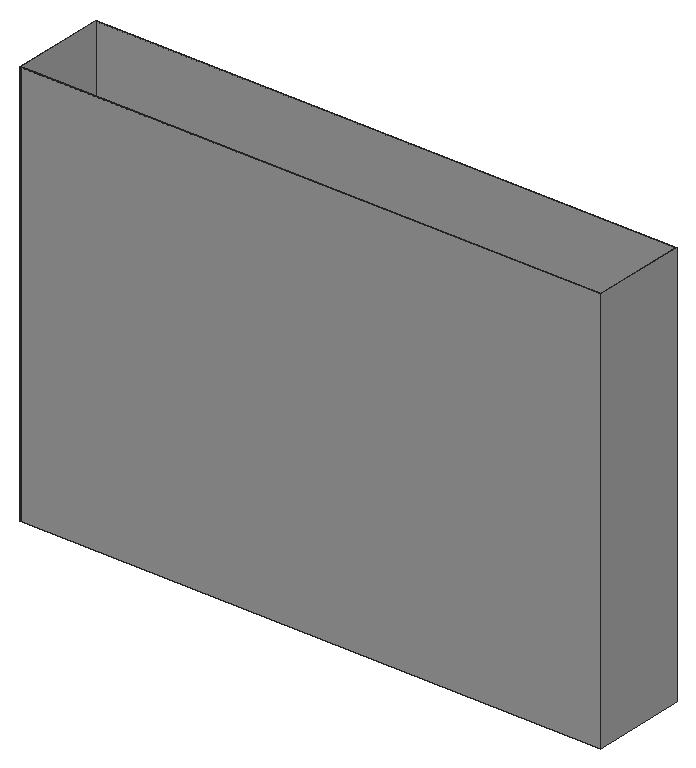
Revit family "Door_Cladding-Construction_Specialties", category Specialty Equipment, Revit 2017
Family settings
  Round Connector Dimension = Use Diameter
  Part Type = Normal
  Work Plane-Based = No
  Always vertical = Yes
  Cut with Voids When Loaded = No
  Shared = Yes
  Room Calculation Point = No
Parameters (values of type ".040"")
  URL = "https://www.c-sgroup.com/"
  Product Page URL = "https://www.c-sgroup.com/acrovyn-wall-protection/door-and-frame-protection/door-cladding"
  Product Documentation Link = "https://www.c-sgroup.com/files/tech-center/acrovyn/cad/pdf/3DPN.pdf"
  Panel Width [instance] = 3' - 8"
  Panel Thickness [instance] = 0' - 7.08423"
  Model = "3DPN - .040\" (1.02mm)"
  Manufacturer = "Construction Specialties"
  Door Cladding Plan Text [instance] = yes
  Description = "Acrovyn door cladding is available in .040\" (1.02mm) and .060\" (1.52mm) thick Acrovyn sheets supplied in standard door width/height with a 90 degree edge."
  Cladding Thickness = 0' - 0 5/128"
  Cladding Text [instance] = and(Cladding, Door Cladding Plan Text)  # yes
  Cladding Height [instance] = 2' - 6.86709"
  Cladding Finish [instance] = Plastic - Construction Specialties - Acrovym - Suede - 162 Charcoal
  Cladding = yes
  Assembly Code = "C1020"
Types (3): name | Panel Width | Panel Thickness | Model | Cladding Thickness | Cladding Text | Cladding
  .040" | 3' - 8" | 0' - 7.08423" | "3DPN - .040\" (1.02mm)" | 0' - 0 5/128" | yes | yes
  None | 1' - 0" | 0' - 1 3/4" | "NONE - Choose Cladding Type per Door" | 0' - 0 15/256" | no | no
  .060" | 3' - 8" | 0' - 7.08423" | "3DPN - .060\" (1.52mm)" | 0' - 0 15/256" | yes | yes
Reference planes (in)
  plane 1 "Center (Front/Back)": y = 0
  plane 2: z = 0
  plane 3 "Center (Left/Right)": x = 0
  plane 4: x = -22
  plane 5: x = 22
  plane 6: y = 3.54212
  plane 7: y = -3.54212
  plane 8: y = 3.58118
  plane 9: y = -3.58118
  plane 10: x = 22.03906
  plane 11: x = -22.03906
  plane 12: z = 30.86709
Forms (in)
  Extrusion 1, solid, material "Plastic - Construction Specialties - Acrovym - Suede - 162 Charcoal" <- "Cladding Finish", visible <- "Cladding"
    sketch origin (0, 0, 0) x (1, 0, 0) y (0, 1, 0)
      loop
        line (-22, 3.54212) -> (-22, -3.54212) -> (22, -3.54212) -> (22, 3.54212) -> (-22, 3.54212)
      loop
        line (-22.03906, -3.58118) -> (22.03906, -3.58118) -> (22.03906, 3.58118) -> (-22.03906, 3.58118) -> (-22.03906, -3.58118)
    from 0 to 30.86709
Lines and regions (in)
  symbolic lines, visible <- "Cladding Text"
    curve 1: line (-3.18027, 0.39453, 0) -> (-2.98615, -0.32991, 0)
    curve 2: line (-2.98615, -0.32991, 0) -> (-2.80938, -0.15314, 0)
    curve 3: line (-2.80938, -0.15314, 0) -> (-2.6326, -0.32991, 0)
    curve 4: line (-2.6326, -0.32991, 0) -> (-2.43849, 0.39453, 0)
    curve 5: line (-2.28554, 0.39453, 0) -> (-2.28554, -0.35547, 0)
    curve 6: line (-2.1254, 0.39453, 0) -> (-1.6254, 0.39453, 0)
    curve 7: line (-1.91054, 0.39453, 0) -> (-1.91054, -0.35547, 0)
    curve 8: line (-1.50429, 0.39453, 0) -> (-1.50429, -0.35547, 0)
    curve 9: line (-1.16054, 0.39453, 0) -> (-1.16054, -0.35547, 0)
    curve 10: line (-1.16054, 0.01953, 0) -> (-1.50429, 0.01953, 0)
    curve 11: spline (-0.32844, 0.26739, 0) -> (-0.38473, 0.35935, 0) -> (-0.45319, 0.39442, 0) -> (-0.52236, 0.36673, 0) -> (-0.58065, 0.28092, 0) -> (-0.61832, 0.15136, 0) -> (-0.62905, -0.00028, 0) -> (-0.61105, -0.14859, 0) -> (-0.56733, -0.26877, 0) -> (-0.50521, -0.34068, 0) -> (-0.43509, -0.35229, 0) -> (-0.3687, -0.30166, 0) -> (-0.31717, -0.19726, 0)
    curve 12: line (-0.125, 0.39453, 0) -> (-0.125, -0.35547, 0)
    curve 13: line (-0.125, -0.35547, 0) -> (0.17004, -0.35547, 0)
    curve 14: line (0.3125, -0.35547, 0) -> (0.51346, 0.39453, 0)
    curve 15: line (0.51346, 0.39453, 0) -> (0.71442, -0.35547, 0)
    curve 16: line (0.41298, 0.01953, 0) -> (0.61394, 0.01953, 0)
    curve 17: line (0.86664, -0.35547, 0) -> (0.86664, 0.39453, 0)
    curve 18: arc (0.86664, 0.39453, 0) -> (1.24164, 0.01953, 0) -> (0.86664, -0.35547, 0) r 0.375
    curve 19: line (1.36664, -0.35547, 0) -> (1.36664, 0.39453, 0)
    curve 20: arc (1.36664, 0.39453, 0) -> (1.74164, 0.01953, 0) -> (1.36664, -0.35547, 0) r 0.375
    curve 21: line (1.86664, 0.39453, 0) -> (1.86664, -0.35547, 0)
    curve 22: line (2.11664, -0.35547, 0) -> (2.11664, 0.39453, 0)
    curve 23: line (2.11664, 0.39453, 0) -> (2.46637, -0.35547, 0)
    curve 24: line (2.46637, -0.35547, 0) -> (2.46637, 0.39453, 0)
    curve 25: spline (2.92156, 0.26739, 0) -> (2.86006, 0.36443, 0) -> (2.7854, 0.3942, 0) -> (2.71214, 0.35092, 0) -> (2.65456, 0.24301, 0) -> (2.62391, 0.09152, 0) -> (2.62614, -0.07401, 0) -> (2.66084, -0.2213, 0) -> (2.72122, -0.32162, 0) -> (2.79553, -0.35541, 0) -> (2.86926, -0.31609, 0) -> (2.92803, -0.21132, 0) -> (2.9604, -0.06153, 0)
    curve 26: line (2.9604, -0.06153, 0) -> (2.78198, -0.06153, 0)
Dimensions and locks (in)
  equal spacing: plane 7, plane 1 "Center (Front/Back)", plane 6
  "Panel Thickness": plane 6 to plane 7
  equal spacing: plane 4, plane 3 "Center (Left/Right)", plane 5
  "Panel Width": plane 4 to plane 5
  "Cladding Thickness": plane 11 to plane 4
  "Cladding Thickness": plane 5 to plane 10
  "Cladding Thickness": plane 8 to plane 6
  "Cladding Thickness": plane 7 to plane 9
  "Cladding Height": plane 12 to level
  aligned and locked: plane 2 to level
  aligned and locked: Extrusion 1 sketch curve to plane 4
  aligned and locked: Extrusion 1 sketch curve to plane 6
  aligned and locked: Extrusion 1 sketch curve to plane 7
  aligned and locked: Extrusion 1 sketch curve to plane 9
  aligned and locked: Extrusion 1 sketch curve to plane 11
  aligned and locked: Extrusion 1 sketch curve to plane 8
  aligned and locked: Extrusion 1 sketch curve to plane 10
  aligned and locked: Extrusion 1 sketch curve to plane 5
  aligned and locked: plane 12 to Extrusion 1
  aligned and locked: Extrusion 1 to level
Automatic sketch dimensions
  plane 1 "Center (Front/Back)" to curve 3 = 0' - 0.15314"
  curve 1 to curve 3 = 0' - 0.17678"
  curve 12 to plane 3 "Center (Left/Right)" = 0' - 0 1/8"
  plane 3 "Center (Left/Right)" to curve 15 = 0' - 0.51346"
  plane 1 "Center (Front/Back)" to curve 17 = 0' - 0 91/256"
  curve 14 to curve 17 = 0' - 0.35318"
  curve 17 to curve 19 = 0' - 0 1/2"
  curve 19 to curve 22 = 0' - 0 3/4"
  curve 22 to curve 24 = 0' - 0.34973"
  plane 1 "Center (Front/Back)" to curve 26 = 0' - 0.06153"
  curve 23 to curve 26 = 0' - 0.49403"
  plane 1 "Center (Front/Back)" to curve 12 = 0' - 0 91/256"
  plane 1 "Center (Front/Back)" to curve 24 = 0' - 0 91/256"
  plane 1 "Center (Front/Back)" to curve 19 = 0' - 0 91/256"
  curve 20 to plane 1 "Center (Front/Back)" = 0' - 0 5/256"
  curve 18 to plane 1 "Center (Front/Back)" = 0' - 0 5/256"
  curve 15 to curve 18 = 0' - 0"
  curve 22 to plane 1 "Center (Front/Back)" = 0' - 0 101/256"
  curve 1 to plane 1 "Center (Front/Back)" = 0' - 0 101/256"
  curve 1 to curve 2 = 0' - 0.37089"
  plane 1 "Center (Front/Back)" to curve 4 = 0' - 0.32991"
  curve 4 to curve 12 = 0' - 2.5076"
  curve 4 to plane 1 "Center (Front/Back)" = 0' - 0 101/256"
  curve 4 to curve 4 = 0' - 0.19411"
  curve 4 to curve 5 = 0' - 0.34706"
  curve 5 to curve 6 = 0' - 0.16014"
  curve 6 to curve 7 = 0' - 0.21486"
  curve 7 to curve 6 = 0' - 0.28514"
  curve 6 to curve 8 = 0' - 0.12111"
  curve 10 to plane 1 "Center (Front/Back)" = 0' - 0 5/256"
  curve 10 to curve 10 = 0' - 0 11/32"
  curve 11 to curve 12 = 0' - 0.33241"
  curve 11 to curve 12 = 0' - 0.20344"
  curve 11 to curve 11 = 0' - 0.14024"
  plane 3 "Center (Left/Right)" to curve 13 = 0' - 0.17004"
  curve 13 to curve 14 = 0' - 0.14246"
  curve 16 to plane 1 "Center (Front/Back)" = 0' - 0 5/256"
  curve 16 to curve 14 = 0' - 0.10048"
  curve 16 to curve 16 = 0' - 0.20096"
  plane 1 "Center (Front/Back)" to curve 15 = 0' - 0 91/256"
  curve 21 to curve 22 = 0' - 0 1/4"
  curve 26 to curve 25 = 0' - 0.17842"
  curve 25 to plane 1 "Center (Front/Back)" = 0' - 0 5/256"
  curve 26 to curve 25 = 0' - 0.01061"
  curve 25 to plane 1 "Center (Front/Back)" = 0' - 0.26739"
  curve 25 to curve 25 = 0' - 0.12898"
  curve 11 to curve 12 = 0' - 0"
  curve 5 to curve 4 = 0' - 0.02556"
  curve 22 to curve 23 = 0' - 0"
  plane 1 "Center (Front/Back)" to curve 7 = 0' - 0 91/256"
  curve 21 to curve 22 = 0' - 0"  (x2)
  plane 1 "Center (Front/Back)" to curve 8 = 0' - 0 91/256"
  curve 8 to curve 9 = 0' - 0"  (x2)
  plane 1 "Center (Front/Back)" to curve 11 = 0' - 0.19726"
  curve 11 to plane 1 "Center (Front/Back)" = 0' - 0 5/256"
  curve 10 to curve 9 = 0' - 0 3/8"
  curve 7 to plane 1 "Center (Front/Back)" = 0' - 0 101/256"
  curve 22 to curve 24 = 0' - 0"
  curve 4 to curve 5 = 0' - 0"
  curve 11 to curve 12 = 0' - 0.12714"
  curve 2 to curve 4 = 0' - 0.17678"
